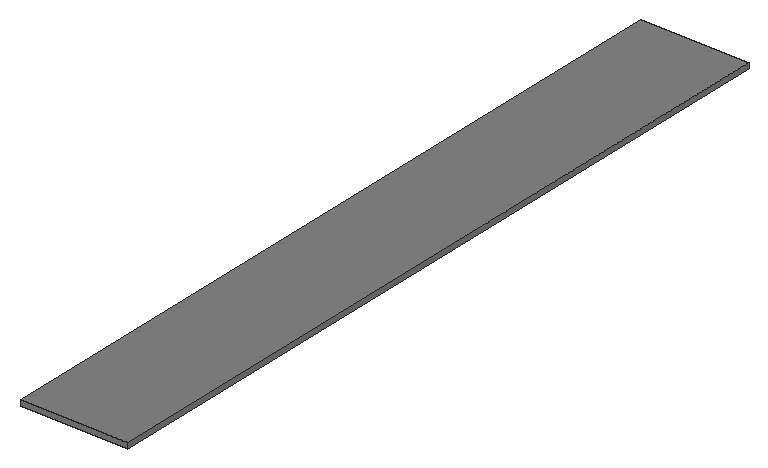
Revit family "Strap_Tie-Simpson_Strong_Tie-LSTA-3D", category Structural Connections, host Face, Revit 2021
Family settings
  Host = Face
  Material for Model Behavior = Other
  OmniClass Number = 23.20.40.11.24.14
  OmniClass Title = Wood Connectors
  Enable cutting in views = No
  Cut with Voids When Loaded = No
  Shared = No
Parameters (values of type "EFStrap_Tie")
  Width = 1 1/4"
  URL = "http://www.strongtie.com"
  Type Comments = "Strap Tie"  # constant formula
  SPF/HF_Allowable Loads_Tension_160 = "Use Type Catalog"
  Provide Feedback = "http://www.strongtie.com/drawings/revit_request.asp"
  Product Material = Steel - Simpson - Galvanized
  Product Documentation Link = "http://www.strongtie.com/products/connectors/hrs-st-ps-hst-lsta.asp"
  Part Number = Model  # "Use Type Catalog"
  Part Description = Description  # "Straps are designed to transfer tension loads in a wide variety of applications"
  Original Creation Date = "April 15, 2013"  # constant formula
  Model ID = "202E0F90-0D2B-4614-A213-7D97F4248792"  # constant formula
  Model Disclaimer = "Contact Simpson Strong-Tie Company Inc. for more information"  # constant formula
  Model = "Use Type Catalog"
  Metal Gauge = "Use Type Catalog"
  Manufacturer = "Simpson Strong-Tie Company Inc."  # constant formula
  Length = 9"
  Keynote = ""
  Is Void = yes
  Fasteners_Type = "Use Type Catalog"
  Fasteners_Quantity = 0
  Family Version = "1.0.0"  # constant formula
  Equipment Number [instance] = ""
  Equipment Abbreviation = "Use Type Catalog"
  Description = "Straps are designed to transfer tension loads in a wide variety of applications"  # constant formula
  Default Elevation = 0"
  Date Last Modified = "April 18, 2013"  # constant formula
  DF/SP_Allowable Loads_Tension_160 = "Use Type Catalog"
  Copyright = "Copyright © Simpson Strong-Tie Company Inc."  # constant formula
  Code Reference = "Use Type Catalog"
Reference planes (in)
  plane 1 "Center (Front/Back)": y = 0
  plane 2: z = 0
  plane 3 "Center (Left/Right)": x = 0
  plane 4 "top": z = 0.0625
  plane 5 "right": x = 0.625
  plane 6 "left": x = -0.625
  plane 7 "back": y = 4.5
  plane 8 "front": y = -4.5
Forms (in)
  Extrusion 1, solid, material "Steel - Simpson - Galvanized" <- "Product Material", detail levels medium+fine
    sketch origin (0, 0, -3.671) x (0, -1, 0) y (1, 0, 0)
      loop
        line (-4.5, 0.625) -> (-4.5, -0.625) -> (4.5, -0.625) -> (4.5, 0.625) -> (-4.5, 0.625)
    from 3.671 to 3.7335
Lines and regions (in)
  Masking region 1, detail levels medium+fine
    outline origin (0, 0, 0.0625) x (0, -1, 0) y (1, 0, 0)
      loop
        line (4.5, 0.625) -> (-4.5, 0.625) -> (-4.5, -0.625) -> (4.5, -0.625) -> (4.5, 0.625)
  Masking region 2, detail levels medium+fine
    outline origin (0.625, 0, 0) x (0, 1, 0) y (0, 0, 1)
      loop
        line (-4.5, 0) -> (4.5, 0) -> (4.5, 0.0625) -> (-4.5, 0.0625) -> (-4.5, 0)
  Masking region 3, detail levels medium+fine
    outline origin (-0.625, 0, 0) x (0, 1, 0) y (0, 0, 1)
      loop
        line (4.5, 0.0625) -> (-4.5, 0.0625) -> (-4.5, 0) -> (4.5, 0) -> (4.5, 0.0625)
  Masking region 4, detail levels medium+fine
    outline origin (0, 4.5, 0) x (-1, 0, 0) y (0, 0, 1)
      loop
        line (-0.625, 0) -> (0.625, 0) -> (0.625, 0.0625) -> (-0.625, 0.0625) -> (-0.625, 0)
  Masking region 5, detail levels medium+fine
    outline origin (0, -4.5, 0) x (-1, 0, 0) y (0, 0, 1)
      loop
        line (0.625, 0.0625) -> (-0.625, 0.0625) -> (-0.625, 0) -> (0.625, 0) -> (0.625, 0.0625)
  symbolic lines, detail levels medium+fine
    curve 1: line (0.625, -4.5, 0.0625) -> (0.625, 4.5, 0.0625)
    curve 2: line (0.625, 4.5, 0.0625) -> (-0.625, 4.5, 0.0625)
    curve 3: line (-0.625, 4.5, 0.0625) -> (-0.625, -4.5, 0.0625)
    curve 4: line (-0.625, -4.5, 0.0625) -> (0.625, -4.5, 0.0625)
    curve 5: line (0.625, -4.5, 0) -> (0.625, 4.5, 0)
    curve 6: line (0.625, 4.5, 0) -> (0.625, 4.5, 0.0625)
    curve 7: line (0.625, 4.5, 0.0625) -> (0.625, -4.5, 0.0625)
    curve 8: line (0.625, -4.5, 0.0625) -> (0.625, -4.5, 0)
    curve 9: line (0.625, 4.5, 0) -> (-0.625, 4.5, 0)
    curve 10: line (-0.625, 4.5, 0) -> (-0.625, 4.5, 0.0625)
    curve 11: line (-0.625, 4.5, 0.0625) -> (0.625, 4.5, 0.0625)
    curve 12: line (0.625, 4.5, 0.0625) -> (0.625, 4.5, 0)
Dimensions and locks (in)
  locked: plane 4 "top" to plane 2 at 0.0625
  equal spacing: plane 6 "left", plane 3 "Center (Left/Right)", plane 5 "right"
  "Width": plane 6 "left" to plane 5 "right"
  equal spacing: plane 7 "back", plane 1 "Center (Front/Back)", plane 8 "front"
  "Length": plane 7 "back" to plane 8 "front"
  aligned and locked: plane 2 to host face
  aligned and locked: level to host face
  aligned and locked: Extrusion 1 to plane 2
  aligned and locked: plane 4 "top" to Extrusion 1
  aligned and locked: plane 7 "back" to Extrusion 1
  aligned and locked: Extrusion 1 to plane 6 "left"
  aligned and locked: plane 5 "right" to Extrusion 1
  aligned and locked: Extrusion 1 to plane 8 "front"
  aligned and locked: curve 1 to Extrusion 1
  aligned and locked: curve 2 to Extrusion 1
  aligned and locked: curve 3 to Extrusion 1
  aligned and locked: curve 4 to Extrusion 1
  aligned and locked: Masking region 1 sketch curve to curve 1
  aligned and locked: Masking region 1 sketch curve to curve 2
  aligned and locked: Masking region 1 sketch curve to curve 3
  aligned and locked: Masking region 1 sketch curve to curve 4
  aligned and locked: curve 5 to Extrusion 1
  aligned and locked: curve 6 to Extrusion 1
  aligned and locked: curve 7 to Extrusion 1
  aligned and locked: curve 8 to Extrusion 1
  aligned and locked: Masking region 2 sketch curve to curve 5
  aligned and locked: Masking region 2 sketch curve to curve 6
  aligned and locked: Masking region 2 sketch curve to curve 7
  aligned and locked: Masking region 2 sketch curve to curve 8
  aligned and locked: Masking region 3 sketch curve to curve 7
  aligned and locked: Masking region 3 sketch curve to curve 8
  aligned and locked: Masking region 3 sketch curve to curve 5
  aligned and locked: Masking region 3 sketch curve to curve 6
  aligned and locked: curve 9 to Extrusion 1
  aligned and locked: curve 10 to Extrusion 1
  aligned and locked: curve 11 to Extrusion 1
  aligned and locked: curve 12 to Extrusion 1
  aligned and locked: Masking region 4 sketch curve to curve 9
  aligned and locked: Masking region 4 sketch curve to curve 10
  aligned and locked: Masking region 4 sketch curve to curve 11
  aligned and locked: Masking region 4 sketch curve to curve 12
  aligned and locked: Masking region 5 sketch curve to curve 11
  aligned and locked: Masking region 5 sketch curve to curve 12
  aligned and locked: Masking region 5 sketch curve to curve 9
  aligned and locked: Masking region 5 sketch curve to curve 10
Automatic sketch dimensions
  host sketch curve to host sketch curve = 1 1/4"
  host sketch curve to host sketch curve = 2.08166"
  Extrusion 1 sketch curve to plane 6 "left" = 0"
  Extrusion 1 sketch curve to plane 7 "back" = 0"
  Extrusion 1 sketch curve to plane 8 "front" = 0"
  Extrusion 1 sketch curve to plane 5 "right" = 0"
  curve 1 to plane 5 "right" = 0"
  curve 1 to plane 7 "back" = 0"
  curve 3 to plane 6 "left" = 0"
  curve 3 to plane 8 "front" = 0"
  curve 8 to level = 0"
  curve 8 to plane 8 "front" = 0"
  curve 7 to plane 4 "top" = 0"
  curve 7 to plane 7 "back" = 0"
  curve 12 to level = 0"
  curve 12 to plane 5 "right" = 0"
  curve 11 to plane 4 "top" = 0"
  curve 11 to plane 6 "left" = 0"
